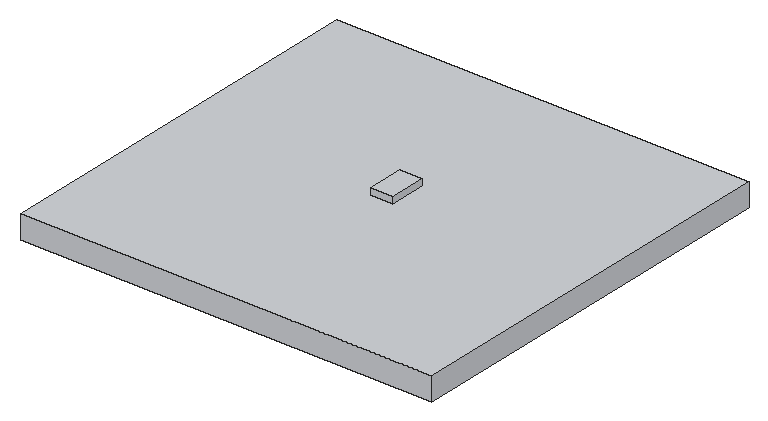
Revit family "M_Estação manual", category Dispositivos de alarme de incêndio, Revit 2019
Family settings
  Hospedeiro = Face
  Manter orientação da anotação = Sim
  Cota do conector redondo = Utilizar diâmetro
  Tipo de parte = Normal
  Número OmniClass = 23.85.30.14.24
  Título OmniClass = Manual Alert Control
  ID de item do Seek = Manual Station-0000-CAN-ENU
  Corte com vazios quando carregada = Não
  Compartilhado = Não
  Ponto de cálculo do ambiente = Não
Parameters (values of type "Padrão")
  Material = none
  Legenda = ""
  Elevação-padrão = 1200 mm
Types (10, lengths in mm): name | Legenda | Elevação-padrão
  (no name) | "" | 1200
  Padrão | "" | 1200
  Agente de limpeza | "CA" | 1219
  Dióxido de carbono | "CO2" | 1219
  Sprinkler de abundância | "DL" | 1219
  Química seca | "DC" | 1219
  Espuma | "FD" | 1219
  Névoa d'água | "WM" | 1219
  Químico molhado | "WC" | 1219
  Halon | "HL" | 1219
Reference planes
  plane 1 "Centro (Frente/Trás)": y = 0
  plane 2: z = 0
  plane 3 "Centro (Esquerda/Direita)": x = 0
  plane 4: x = -34.925
  plane 5: x = 34.925
  plane 6: x = -19.05
  plane 7: x = 19.05
  plane 8: y = 57.15
  plane 9: y = -57.15
  plane 10: y = 38.1
  plane 11: y = -38.1
  plane 12 "nível acima": z = 19.05
  plane 13 "nível abaixo": z = -53.975
Forms (mm)
  Extrusion 1, solid
    sketch origin (0, 0, 0) x (1, 0, 0) y (0, 1, 0)
      loop
        line (-644.525, 571.5) -> (-644.525, -666.75) -> (644.525, -666.75) -> (644.525, 571.5) -> (-644.525, 571.5)
    from 0 to -72.672
  Extrusion 2, solid, material <- "Material"
    sketch origin (0, 0, 0) x (1, 0, 0) y (0, 1, 0)
      loop
        line (-34.925, 57.15) -> (-34.925, -57.15) -> (34.925, -57.15) -> (34.925, 57.15) -> (-34.925, 57.15)
    from 0 to 19.05
  Extrusion 3, solid, material <- "Material"
    sketch origin (0, 0, 0) x (1, 0, 0) y (0, 1, 0)
      loop
        line (-19.05, 38.1) -> (-19.05, -38.1) -> (19.05, -38.1) -> (19.05, 38.1) -> (-19.05, 38.1)
    from 0 to -53.975
Lines and regions (mm)
  symbolic lines, detail levels fine
    curve 1: line (34.925, 0, 0) -> (-34.925, 0, 0)
    curve 2: line (34.925, 0, 19.05) -> (34.925, 0, 0)
    curve 3: line (-34.925, 0, 19.05) -> (34.925, 0, 19.05)
    curve 4: line (-34.925, 0, 0) -> (-34.925, 0, 19.05)
    curve 5: line (19.05, 0, -53.975) -> (19.05, 0, 0)
    curve 6: line (-19.05, 0, -53.975) -> (19.05, 0, -53.975)
    curve 7: line (-19.05, 0, 0) -> (-19.05, 0, -53.975)
Dimensions and locks
  equal spacing: plane 6, plane 3 "Centro (Esquerda/Direita)", plane 7, locked at 19.05 each
  locked: plane 6 to plane 7 at 38.1
  equal spacing: plane 4, plane 3 "Centro (Esquerda/Direita)", plane 5, locked at 34.925 each
  locked: plane 4 to plane 5 at 69.85
  locked: plane 8 to plane 9 at 114.3
  locked: plane 12 "nível acima" to level at 19.05
  locked: level to plane 13 "nível abaixo" at 53.975
  locked: plane 10 to plane 11 at 76.2
  equal spacing: plane 10, plane 1 "Centro (Frente/Trás)", plane 11, locked at 38.1 each
  equal spacing: plane 8, plane 1 "Centro (Frente/Trás)", plane 9, locked at 57.15 each
  aligned and locked: plane 2 to Extrusion 1
  aligned and locked: level to Extrusion 1
  aligned and locked: plane 8 to Extrusion 2
  aligned and locked: Extrusion 2 to plane 9
  aligned and locked: plane 5 to Extrusion 2
  aligned and locked: Extrusion 2 to plane 4
  aligned and locked: Extrusion 2 to level
  aligned and locked: plane 12 "nível acima" to Extrusion 2
  aligned and locked: plane 10 to Extrusion 3
  aligned and locked: Extrusion 3 to plane 6
  aligned and locked: plane 7 to Extrusion 3
  aligned and locked: Extrusion 3 to plane 11
  aligned and locked: Extrusion 3 to level
  aligned and locked: Extrusion 3 to plane 13 "nível abaixo"
  aligned and locked: curve 4 to plane 4
  aligned and locked: plane 5 to curve 2
  aligned and locked: curve 3 to plane 12 "nível acima"
  aligned and locked: plane 2 to curve 1
  aligned and locked: curve 7 to plane 6
  aligned and locked: plane 7 to curve 5
  aligned and locked: curve 6 to plane 13 "nível abaixo"
  aligned and locked: plane 1 "Centro (Frente/Trás)" to nested 1
  aligned and locked: plane 3 "Centro (Esquerda/Direita)" to nested 1
Automatic sketch dimensions
  Extrusion 2 sketch curve to plane 4 = 0 mm
  Extrusion 2 sketch curve to plane 5 = 0 mm
  Extrusion 2 sketch curve to plane 9 = 0 mm
  Extrusion 2 sketch curve to plane 8 = 0 mm
  Extrusion 3 sketch curve to plane 6 = 0 mm
  Extrusion 3 sketch curve to plane 7 = 0 mm
  Extrusion 3 sketch curve to plane 11 = 0 mm
  Extrusion 3 sketch curve to plane 10 = 0 mm
  Extrusion 1 sketch curve to Extrusion 1 sketch curve = 1289.05 mm
  Extrusion 1 sketch curve to Extrusion 1 sketch curve = 1238.25 mm
Nested families
  nested 1: "M_Anotação de estação manual" at (0, 0, 0), type "Anotação da estação manual", detail levels coarse+medium
Connectors
  electrical at (0, 38.1, -26.988)
    settings: on Extrusion 3, index 1, voltage 120 V, apparent load 0 VA, apparent load phase1 0 VA, apparent load phase2 0 VA, apparent load phase3 0 VA, power factor 1, load classification "Iluminação", number of poles 1, system type 11, power factor state 1, is connector primary yes, connector utility no, sub classification motor no, connector description ""
Definition of nested family "M_Anotação de estação manual"
  Parameters
    Anotação de legenda = ""
  Reference planes
    plane 1: y = 0
    plane 2: x = 0
  Lines and regions (mm)
    reference lines
      curve 1: line (-2.381, 19.755, 0) -> (-2.381, 7.62, 0)
      curve 2: line (2.381, 21.319, 0) -> (2.381, 6.87, 0)
      curve 3: line (-11.124, 4.763, 0) -> (19.901, 4.763, 0)
      curve 8: line (-17.987, 0, 0) -> (20.113, 0, 0)
    detail lines
      curve 4: line (-2.381, 4.763, 0) -> (2.381, 4.763, 0)
      curve 5: line (-2.381, 0, 0) -> (-2.381, 4.763, 0)
      curve 6: line (2.381, 0, 0) -> (-2.381, 0, 0)
      curve 7: line (2.381, 4.763, 0) -> (2.381, 0, 0)
  Text (mm)
    label "CO2" at (2.962, 0.183, 0), shows "Anotação de legenda"
  Dimensions and locks
    locked: curve 1 to plane 2 at 2.381
    locked: plane 2 to curve 2 at 2.381
    locked: curve 8 to curve 3 at 4.762
    locked: plane 1 to curve 8 at 0
    aligned and locked: curve 3 to curve 4
    aligned and locked: curve 5 to curve 1
    aligned and locked: curve 2 to curve 7
    aligned and locked: curve 6 to curve 8
